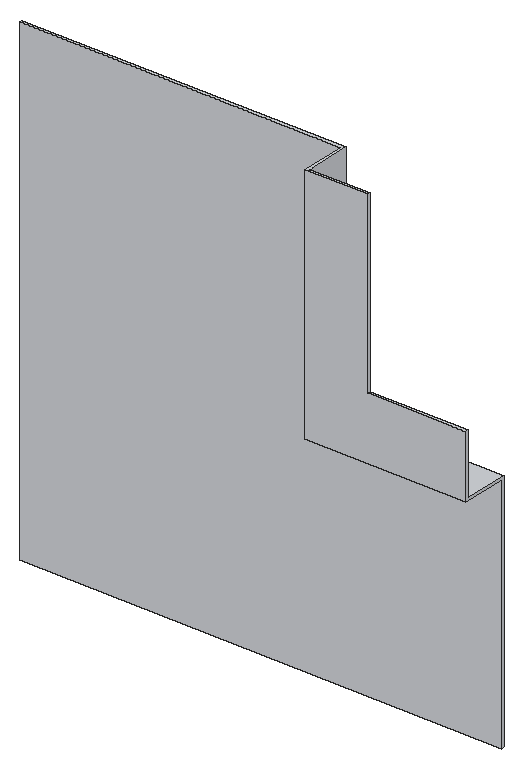
Revit family "Flashing_Preformed_Hyload_WindowCorner", category Generic Models, Revit 2013
Parameters (values of type "As Specified")
  Unit Width = 0' - 7 1/8"
  Unit Height = 0' - 6"
  Unit Depth = 0' - 6"
  URL = "http://www.hyload.com/"
  Thickness = 0' - 0 1/16"
  Specification = "http://www.arcat.com/sdspecs/htm04/07_65_00hyl.htm"
  Sales Information = "http://www.hyload.com/contact-us"
  Revision = "R1_12-2015"
  Product Properties = "http://www.hyload.com/masonry-flashing/preformed-shapes/"
  Product Data = "http://www.arcat.com/arcatcos/cos33/arc33176.html"
  Model = "Window Corner"
  Manufacturer Website = "http://www.hyload.com/"
  Manufacturer Phone - Toll Free = "800-457-4056"
  Manufacturer Phone = "330-769-3546"
  Manufacturer Fax = "330-769-4153"
  Manufacturer Address = "5020 Panther Pkwy., Seville, OH 44273"
  Manufacturer = "Hyload"
  Keynote = "07 65 00"
  Flashing Material = Hyload Flashing Membrane - Grey
  Drawn By = "Robert S. Weygant / Sumex Design"
  Description = "Preformed Hyload Masonry Flashing - Window Corner"
  Copyright = "(c) ARCAT, Inc, 2015"
  Construction Details = "http://www.arcat.com/details/hyload/hyload.html?coid=33176"
  Assembly Code = "B3010400"
Reference planes (in)
  plane 1 "Center (Front/Back)": y = 0
  plane 2: z = 0
  plane 3 "Center (Left/Right)": x = 0
  plane 4: x = 4
  plane 5: z = 6
  plane 6: y = -1.125
  plane 7: z = 12
  plane 8: x = -8
Forms (in)
  Sweep 1, solid
    path origin (0, 0, 0) x (1, 0, 0) y (0, 0, 1)
      loop
        line (4, 6) -> (0, 6) -> (0, 12)
    profile origin (2, 0, 6) x (0, 0, -1) y (0, -1, 0)
      loop
        line (0, 0) -> (0, 1.125) -> (-1.5625, 1.125) -> (-1.5625, 1.0625) -> (-0.0625, 1.0625) -> (-0.0625, -0.0625) -> (6, -0.0625) -> (6, 0) -> (0, 0)
  Extrusion 2, solid
    sketch origin (0, 0, 0) x (1, 0, 0) y (0, 0, 1)
      loop
        line (-8, 12) -> (-8, 0) -> (-6, 0) -> (-6, 12) -> (-8, 12)
    from -0.0625 to 0
Cuts and joins
  joined: Sweep 1, Extrusion 2
Dimensions and locks (in)
  "Unit Height": plane 5 to level
  plane 1 "Center (Front/Back)" to plane 6 = 0' - 1 1/8"
  plane 7 to level = 1' - 0"
  plane 4 to plane 3 "Center (Left/Right)" = 0' - 4"
  plane 4 to plane 8 = 1' - 0"
  aligned and locked: plane 2 to level
  aligned and locked: plane 3 "Center (Left/Right)" to Sweep 1 sketch curve
  aligned and locked: plane 5 to Sweep 1 sketch curve  (x2)
  aligned and locked: Sweep 1 sketch curve to plane 6
  aligned and locked: Sweep 1 sketch curve to level
  aligned and locked: plane 7 to Sweep 1 sketch curve
  aligned and locked: Extrusion 2 sketch curve to plane 7
  aligned and locked: plane 8 to Extrusion 2 sketch curve
  aligned and locked: Sweep 1 to Extrusion 2 sketch curve
  aligned and locked: Extrusion 2 sketch curve to Sweep 1
  aligned and locked: Sweep 1 to Extrusion 2
  aligned and locked: plane 1 "Center (Front/Back)" to Extrusion 2
Automatic sketch dimensions
  profile plane to Sweep 1 sketch curve = 0' - 1 9/16"
  profile plane to Sweep 1 sketch curve = 0' - 0 1/16"
  Sweep 1 sketch curve to Sweep 1 sketch curve = 0' - 0 1/16"  (x2)
  Sweep 1 sketch curve to plane 1 "Center (Front/Back)" = 0' - 0"
  Sweep 1 sketch curve to plane 4 = 0' - 0"
